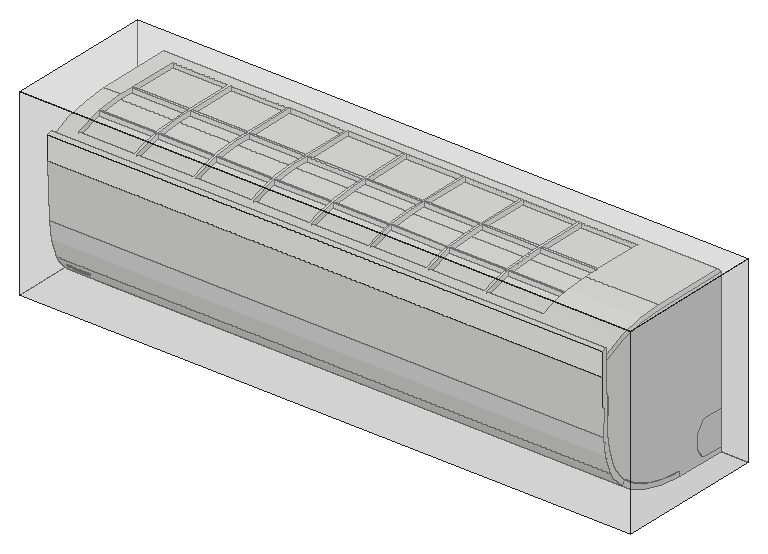
Revit family "outputfile", category 機械設備, Revit 2024
Family settings
  丸型コネクタ寸法 = 半径を使用
  パーツ タイプ = 標準
  OmniClass 番号 = 23.75.10.24.21.27.27
  OmniClass タイトル = Split System Air Conditioning Units
  作業面ベース = いいえ
  常に垂直 = はい
  ロード時にボイドで切り取り = いいえ
  注釈の向きを維持 = いいえ
  共有 = いいえ
  部屋計算ポイント = いいえ
Parameters (values of type "FTKF71TVMA")
  Description = ""
  書き出し IFC クラス(タイプ) = "IfcUnitaryEquipmentType"
  定義済み IFC タイプ(タイプ) = "AIRCONDITIONINGUNIT"
  Cost = 0
  Type Comments = ""
  Keynote = ""
  Type Image = (empty or 0)
  Assembly Code = ""
  w_wall hole = if(Width = 770.0 mm, 48.0 mm, 60.0 mm)  # 60.0 mm
  製造元 = "Daikin"
  モデル = "FTKF71TVMA"
  switch_frequency = yes
  r_Liquid Pipe Size = Liquid Pipe Size / 2  # 3.2 mm
  r_Gas Pipe Size = Gas Pipe Size / 2  # 7.95 mm
  r_Drain Pipe Size = Drain Pipe Size / 2  # 8.0 mm
  lw_powersupply [instance] = if(Width = 770.0 mm, if(or(Rear Right Connection_refrigerant, Bottom Right Connection_refrigerant), 25.0 mm, if(or(Rear Left Connection_refrigerant, Bottom Left Connection_refrigerant), 745.0 mm, 400.0 mm)), if(Width = 990.0 mm, if(or(Rear Right Connection_refrigerant, Bottom Right Connection_refrigerant), 40.0 mm, if(or(Rear Left Connection_refrigerant, Bottom Left Connection_refrigerant), 920.0 mm, 400.0 mm)), if(or(Rear Right Connection_refrigerant, Bottom Right Connection_refrigerant), 40.0 mm, if(or(Rear Left Connection_refrigerant, Bottom Left Connection_refrigerant), 920.0 mm, 400.0 mm))))  # 400.0 mm
  lw_liquidpipe [instance] = if(Width = 770.0 mm, if(or(Rear Right Connection_refrigerant, Bottom Right Connection_refrigerant), 0.0 mm, if(or(Rear Left Connection_refrigerant, Bottom Left Connection_refrigerant), 664.0 mm, 385.0 mm)), if(Width = 990.0 mm, if(or(Rear Right Connection_refrigerant, Bottom Right Connection_refrigerant), 0.0 mm, if(or(Rear Left Connection_refrigerant, Bottom Left Connection_refrigerant), 664.0 mm + (990.0 mm - 770.0 mm), 475.0 mm)), if(or(Rear Right Connection_refrigerant, Bottom Right Connection_refrigerant), 0.0 mm, if(or(Rear Left Connection_refrigerant, Bottom Left Connection_refrigerant), 664.0 mm + (990.0 mm - 770.0 mm), 475.0 mm))))  # 475.0 mm
  lw_gaspipe [instance] = if(Width = 770.0 mm, if(or(Rear Right Connection_refrigerant, Bottom Right Connection_refrigerant), 0.0 mm, if(or(Rear Left Connection_refrigerant, Bottom Left Connection_refrigerant), 675.0 mm, if(Gas Pipe Size = 12.7 mm, 345.0 mm, 335.0 mm))), if(Width = 990.0 mm, if(or(Rear Right Connection_refrigerant, Bottom Right Connection_refrigerant), 10.0 mm, if(or(Rear Left Connection_refrigerant, Bottom Left Connection_refrigerant), 890.0 mm, if(Gas Pipe Size = 15.9 mm, 400.0 mm, 400.0 mm))), if(or(Rear Right Connection_refrigerant, Bottom Right Connection_refrigerant), 10.0 mm, if(or(Rear Left Connection_refrigerant, Bottom Left Connection_refrigerant), 890.0 mm, if(Gas Pipe Size = 15.9 mm, 400.0 mm, 400.0 mm)))))  # 400.0 mm
  lw_drainpipe [instance] = if(Width = 770.0 mm, if(or(Rear Right Connection_refrigerant, Bottom Right Connection_refrigerant), 0.0 mm, if(or(Rear Left Connection_refrigerant, Bottom Left Connection_refrigerant), 770.0 mm - 48.0 mm - 48.0 mm, 440.0 mm)), if(Width = 990.0 mm, if(or(Rear Right Connection_refrigerant, Bottom Right Connection_refrigerant), 0.0 mm, if(or(Rear Left Connection_refrigerant, Bottom Left Connection_refrigerant), 675.0 mm + (990.0 mm - 770.0 mm), 435.0 mm)), if(or(Rear Right Connection_refrigerant, Bottom Right Connection_refrigerant), 0.0 mm, if(or(Rear Left Connection_refrigerant, Bottom Left Connection_refrigerant), 675.0 mm + (990.0 mm - 770.0 mm), 435.0 mm))))  # 435.0 mm
  l_powersupply_length [instance] = if(Width = 770.0 mm, if(Right Connection_refrigerant, 400.0 mm, if(Left Connection_refrigerant, 770.0 mm - 400.0 mm, if(or(Rear Left Connection_refrigerant, Rear Right Connection_refrigerant), 15.0 mm, 50.0 mm))), if(Width = 990.0 mm, if(Right Connection_refrigerant, 400.0 mm, if(Left Connection_refrigerant, 990.0 mm - 400.0 mm, if(or(Rear Left Connection_refrigerant, Rear Right Connection_refrigerant), 15.0 mm, 50.0 mm))), if(Right Connection_refrigerant, 400.0 mm, if(Left Connection_refrigerant, 990.0 mm - 400.0 mm, if(or(Rear Left Connection_refrigerant, Rear Right Connection_refrigerant), 15.0 mm, 50.0 mm)))))  # 400.0 mm
  l_liquidpipe_length [instance] = if(Width = 770.0 mm, if(Right Connection_refrigerant, 433.0 mm, if(Left Connection_refrigerant, 337.0 mm, if(or(Rear Left Connection_refrigerant, Rear Right Connection_refrigerant), 30.0 mm, 40.0 mm))), if(Width = 990.0 mm, if(Right Connection_refrigerant, 535.0 mm, if(Left Connection_refrigerant, 455.0 mm, if(or(Rear Left Connection_refrigerant, Rear Right Connection_refrigerant), 30.0 mm, 40.0 mm))), if(Right Connection_refrigerant, 535.0 mm, if(Left Connection_refrigerant, 455.0 mm, if(or(Rear Left Connection_refrigerant, Rear Right Connection_refrigerant), 30.0 mm, 40.0 mm)))))  # 535.0 mm
  l_gaspipe_length [instance] = if(Width = 770.0 mm, if(Right Connection_refrigerant, if(Gas Pipe Size = 12.7 mm, 393.0 mm, 383.0 mm), if(Left Connection_refrigerant, if(Gas Pipe Size = 12.7 mm, 770.0 mm - 393.0 mm, 770.0 mm - 383.0 mm), if(or(Rear Left Connection_refrigerant, Rear Right Connection_refrigerant), 40.0 mm, 50.0 mm))), if(Width = 990.0 mm, if(Right Connection_refrigerant, if(Gas Pipe Size = 15.9 mm, 460.0 mm, 460.0 mm), if(Left Connection_refrigerant, if(Gas Pipe Size = 15.9 mm, 990.0 mm - 460.0 mm, 990.0 mm - 460.0 mm), if(or(Rear Left Connection_refrigerant, Rear Right Connection_refrigerant), 40.0 mm, 50.0 mm))), if(Right Connection_refrigerant, if(Gas Pipe Size = 15.9 mm, 460.0 mm, 460.0 mm), if(Left Connection_refrigerant, if(Gas Pipe Size = 15.9 mm, 990.0 mm - 460.0 mm, 990.0 mm - 460.0 mm), if(or(Rear Left Connection_refrigerant, Rear Right Connection_refrigerant), 40.0 mm, 50.0 mm)))))  # 460.0 mm
  l_drainpipe_length [instance] = if(Width = 770.0 mm, if(Right Connection_refrigerant, 488.0 mm, if(Left Connection_refrigerant, 282.0 mm, if(or(Rear Left Connection_refrigerant, Rear Right Connection_refrigerant), 15.0 mm, 20.0 mm))), if(Width = 990.0 mm, if(Right Connection_refrigerant, 495.0 mm, if(Left Connection_refrigerant, 495.0 mm, if(or(Rear Left Connection_refrigerant, Rear Right Connection_refrigerant), 15.0 mm, 20.0 mm))), if(Right Connection_refrigerant, 495.0 mm, if(Left Connection_refrigerant, 495.0 mm, if(or(Rear Left Connection_refrigerant, Rear Right Connection_refrigerant), 15.0 mm, 20.0 mm)))))  # 495.0 mm
  h*** = 0.0 mm  # constant formula
  connector_voltage = Voltage_50Hz  # 230 V
  connector_powerinput = [Power Input (Cooling)]  # 0.000 kW
  connector_phase = Phase_50Hz  # 1
  angle_vertical [instance] = if(or(Bottom Left Connection_refrigerant, Bottom Right Connection_refrigerant), 0.00°, 90.00°)  # 90.00°
  angle_horizontal [instance] = if(Right Connection_refrigerant, 90.00°, if(Left Connection_refrigerant, -90.00°, if(or(Rear Left Connection_refrigerant, Rear Right Connection_refrigerant), 180.00°, 0.00°)))  # 90.00°
  Width = 990.0 mm
  Voltage_comment_50Hz = "220 - 240"
  Voltage_50Hz = 230 V
  Version = "ver.1.0"
  Unit Type = "Wall Mounted"
  Unit Mass Weight = 13.00 kg
  Unit Designation [instance] = ""
  Uniclass2015Version = "Products v1.30"
  Uniclass2015Title = "Split coil room air conditioning units"
  Uniclass2015Code = "Pr_70_65_03_86"
  URL = ""
  Total Cooling Capacity [instance] = 0.000 kW
  Sound Pressure Level_M speed (dBA) = 45
  Sound Pressure Level_L speed (dBA) = 37
  Sound Pressure Level_H speed (dBA) = 49
  Sound Power Level_H speed (dB) = 0
  Series = "Single Split_Fan Coil Unit"
  Sensible Cooling Capacity [instance] = 0.000 kW
  Refrigerant Type = "R32"
  Power Input (Cooling) = 0.000 kW
  Phase_50Hz = 1
  Option Accessory 3 [instance] = ""
  Option Accessory 2 [instance] = ""
  Option Accessory 1 [instance] = ""
  Nominal Cooling Capacity = 7.100 kW
  Minimum Circuit Amps_50Hz = 0.0 A
  Minimum Airflow = 708.00 m³/h
  Median Airflow = 954.00 m³/h
  Maximum Fuse Amps_50Hz = 0.0 A
  Maximum Airflow = 1190.00 m³/h
  Material_Casing = DAIKIN_PureWhite_Casing_indoorunit
  Load Classification = HVAC
  Liquid Pipe Size = 6.4 mm
  Link_Nested Family [instance] = ""
  IfcVersion = ""
  IfcExportType = "AIRCONDITIONINGUNIT"
  IfcExportAs = "IfcUnitaryEquipmentType"
  Height = 295.0 mm
  Heat Exchanger Type = "Cross Fin Coil"
  Gas Pipe Size = 15.9 mm
  Frequency_50Hz = 50 Hz
  Fan Type = "Cross Flow Fan"
  Fan Drive = "Direct Drive"
  FCU Tag No. [instance] = ""
  Drain Pipe Size = 16.0 mm
  Design Supply Airflow [instance] = 0.00 m³/h
  Depth = 263.0 mm
  既定の高さ = 0.0 mm
  Cooling Entering Wet Bulb Temperature [instance] = 0.00 °C
  Cooling Entering Dry Bulb Temperature [instance] = 0.00 °C
  Cooling Ambient Wet Bulb Temperature [instance] = 0.00 °C
  Cooling Ambient Dry Bulb Temperature [instance] = 0.00 °C
  Clearance visibility [instance] = yes
  Clearance Top = 30.0 mm
  Clearance Right = 50.0 mm
  Clearance Rear = 0.0 mm
  Clearance Left = 50.0 mm
  Clearance Front = 0.0 mm
  Clearance Bottom = 0.0 mm
  Bottom Right Connection_refrigerant [instance] = no
  Bottom Left Connection_refrigerant [instance] = no
  Rear Right Connection_refrigerant [instance] = no
  Rear Left Connection_refrigerant [instance] = no
  Right Connection_refrigerant [instance] = yes
  Left Connection_refrigerant [instance] = no
Reference planes
  plane 1 "Back": y = 0
  plane 2: z = 0
  plane 3 "Center (Left/Right)": x = 0
  plane 4 "Center (Front/Back)": y = -131.5
  plane 5 "Front": y = -263
  plane 6 "Left": x = -495
  plane 7 "Right": x = 495
  plane 8 "Top": z = 0
  plane 9 "Bottom": z = -295
  plane 10: x = -545
  plane 11: x = 545
  plane 12: y = 0
  plane 13: y = -263
  plane 14: z = 30
  plane 15: z = -295
  plane 16 "lw_Piping and Wiring intake": x = 435
  plane 17 "lw_gaspipe": x = 35
  plane 18 "lw_liquidpipe": x = -40
  plane 19 "lw_drainpipe": x = 0
  plane 20 "lh_drainpipe": z = -275
  plane 21 "lh_liquidpipe": z = -255
  plane 22 "lh_gaspipe": z = -245
  plane 23 "ld_drainpipe": y = -15
  plane 24 "ld_liquidpipe": y = -30
  plane 25 "ld_gaspipe": y = -40
  plane 26 "lw_powersupply": x = 95
Dimensions and locks
  equal spacing: plane 6 "Left", plane 3 "Center (Left/Right)", plane 7 "Right"
  "Width": plane 6 "Left" to plane 7 "Right"
  equal spacing: plane 5 "Front", plane 4 "Center (Front/Back)", plane 1 "Back"
  "Depth": plane 5 "Front" to plane 1 "Back"
  "Height": plane 8 "Top" to plane 9 "Bottom"
  "Clearance Rear": plane 12 to plane 1 "Back"
  "Clearance Front": plane 13 to plane 5 "Front"
  "Clearance Top": plane 14 to plane 8 "Top"
  "Clearance Bottom": plane 9 "Bottom" to plane 15
  "w_wall hole": plane 16 "lw_Piping and Wiring intake" to plane 7 "Right"
  "lw_gaspipe": plane 17 "lw_gaspipe" to plane 16 "lw_Piping and Wiring intake"
  "lw_liquidpipe": plane 18 "lw_liquidpipe" to plane 16 "lw_Piping and Wiring intake"
  "lw_drainpipe": plane 19 "lw_drainpipe" to plane 16 "lw_Piping and Wiring intake"
  locked: plane 20 "lh_drainpipe" to plane 9 "Bottom" at 20
  locked: plane 21 "lh_liquidpipe" to plane 9 "Bottom" at 40
  locked: plane 22 "lh_gaspipe" to plane 9 "Bottom" at 50
  locked: plane 23 "ld_drainpipe" to plane 1 "Back" at 15
  locked: plane 1 "Back" to plane 24 "ld_liquidpipe" at 30
  locked: plane 1 "Back" to plane 25 "ld_gaspipe" at 40
  "lw_powersupply": plane 26 "lw_powersupply" to plane 7 "Right"
  "Clearance Left": plane 10 to plane 6 "Left"
  "Clearance Right": plane 7 "Right" to plane 11
  aligned and locked: level to plane 2
  aligned and locked: plane 12 to nested 1
  aligned and locked: nested 1 to plane 13
  aligned and locked: plane 10 to nested 1
  aligned and locked: plane 11 to nested 1
  aligned and locked: plane 15 to nested 1
  aligned and locked: plane 14 to nested 1
  aligned and locked: plane 17 "lw_gaspipe" to nested 2
  aligned and locked: nested 2 to plane 25 "ld_gaspipe"
  aligned and locked: plane 18 "lw_liquidpipe" to nested 3
  aligned and locked: nested 3 to plane 24 "ld_liquidpipe"
  aligned and locked: plane 19 "lw_drainpipe" to nested 4
  aligned and locked: nested 4 to plane 23 "ld_drainpipe"
  aligned and locked: nested 5 to plane 23 "ld_drainpipe"
  aligned and locked: plane 26 "lw_powersupply" to nested 5
  aligned and locked: level to plane 8 "Top"
  aligned and locked: plane 3 "Center (Left/Right)" to nested 6
  aligned and locked: plane 1 "Back" to nested 6
  aligned and locked: plane 8 "Top" to nested 6
Nested families
  nested 1: "daikin_clearancespace" at (0, -131.5, -132.381), show <- "Clearance visibility", visible <- "Clearance visibility", Link_Nested Family <- "Link_Nested Family", type "daikin_clearancespace"
    with width 1090.0 mm, show yes, height 325.0 mm, depth 263.0 mm, Link_Nested Family ""
  nested 2: "daikin_connector_rotate3" at (35, -40, -245), angle_vertical <- "angle_vertical", angle_horizontal <- "angle_horizontal", length <- "l_gaspipe_length", radius <- "r_Gas Pipe Size", type "daikin_connector_rotate3"
    with show no, radius 7.95 mm, length 460.0 mm, angle_vertical 90.00°, angle_horizontal 90.00°
  nested 3: "daikin_connector_rotate3" at (-40, -30, -255), angle_vertical <- "angle_vertical", angle_horizontal <- "angle_horizontal", radius <- "r_Liquid Pipe Size", length <- "l_liquidpipe_length", type "daikin_connector_rotate3"
    with show no, radius 3.2 mm, length 535.0 mm, angle_vertical 90.00°, angle_horizontal 90.00°
  nested 4: "daikin_connector_rotate3" at (0, -15, -275), angle_vertical <- "angle_vertical", angle_horizontal <- "angle_horizontal", length <- "l_drainpipe_length", radius <- "r_Drain Pipe Size", type "daikin_connector_rotate3"
    with show no, radius 8.0 mm, length 495.0 mm, angle_vertical 90.00°, angle_horizontal 90.00°
  nested 5: "daikin_connector_rotate3" at (95, -15, -245), angle_vertical <- "angle_vertical", angle_horizontal <- "angle_horizontal", length <- "l_powersupply_length", type "daikin_connector_rotate3"
    with show no, radius 10.0 mm, length 400.0 mm, angle_vertical 90.00°, angle_horizontal 90.00°
  nested 6: "DAIKIN_indoorunit_FTKF-TVMA" at (-31, 0, 0), type "FTKF-TVMA"
    with switch_unit1_60-71 yes, switch_unit1_20-50 no, Width 990.0 mm, WALL HOLE-R 60.0 mm, WALL HOLE Size 80.0 mm, Height 295.0 mm
Connectors
  piping at (495, -40, -245), diameter 15.9, driven by "r_Gas Pipe Size"
    settings: on nested 2, index 1, connector inside diameter 609.6 mm, connector length 0.0 mm, flow factor 0, pipe flow 0.00 m³/h, pressure drop 0.0 Pa, fitting loss kfactor 0, connector angle 0.00°, fixture units 0, engagement length 0.0 mm, angle of deflection 0.00°, flow configuration 1, flow direction 2, fitting loss method 0, system type 29, joint type 0, gender type 0, connector reference index -1, connector utility 0, adjustable connector no, is connector primary yes, connector description "Refrigerant Gas Piping"
  piping at (495, -30, -255), diameter 6.4, driven by "r_Liquid Pipe Size"
    settings: on nested 3, index 2, connector inside diameter 609.6 mm, connector length 0.0 mm, flow factor 0, pipe flow 0.00 m³/h, pressure drop 0.0 Pa, fitting loss kfactor 0, connector angle 0.00°, fixture units 0, engagement length 0.0 mm, angle of deflection 0.00°, flow configuration 1, flow direction 1, fitting loss method 0, system type 29, joint type 0, gender type 0, connector reference index -1, connector utility 0, adjustable connector no, is connector primary no, connector description "Refrigerant Liquid Piping"
  piping at (495, -15, -275), diameter 16, driven by "r_Drain Pipe Size"
    settings: on nested 4, index 3, connector inside diameter 609.6 mm, connector length 0.0 mm, flow factor 0, pipe flow 0.00 m³/h, pressure drop 0.0 Pa, fitting loss kfactor 0, connector angle 0.00°, fixture units 0, engagement length 0.0 mm, angle of deflection 0.00°, flow configuration 1, flow direction 2, fitting loss method 4, system type 16, joint type 0, gender type 0, connector reference index -1, connector utility 0, adjustable connector no, is connector primary no, connector description "Condensate Drain Piping"
  electrical at (495, -15, -245), driven by "Load Classification", driven by "connector_voltage", driven by "connector_phase", driven by "connector_powerinput"
    settings: on nested 5, index 4, voltage 230 V, apparent load 0 VA, apparent load phase1 0 VA, apparent load phase2 0 VA, apparent load phase3 0 VA, power factor 1, load classification "HVAC", number of poles 1, system type 30, power factor state 1, is connector primary yes, connector utility no, sub classification motor no, connector description "Power Supply"
Definition of nested family "daikin_clearancespace"
  Parameters (values of type "daikin_clearancespace")
    Description = "daikin_clearancespace"
    width [instance] = 1823.963 mm
    show [instance] = yes
    material = none
    height [instance] = 1359.762 mm
    depth [instance] = 880.0 mm
    Default Elevation = 0.0 mm
    Link_Nested Family [instance] = ""
  Reference planes
    plane 1 "Center (Front/Back)": y = 0
    plane 2 "Center (Elevation)": z = -0.119
    plane 3 "Center (Left/Right)": x = 0
    plane 4: y = 440
    plane 5: y = -440
    plane 6 "Right": x = 911.982
    plane 7 "Left": x = -911.982
    plane 8 "Top": z = 679.762
    plane 9 "Bottom": z = -680
  Forms (mm)
    Extrusion 1, solid, material <- "material", visible <- "show"
      sketch origin (0, 0, 0) x (1, 0, 0) y (0, 1, 0)
        loop
          line (-911.982, 440) -> (-911.982, -440) -> (911.982, -440) -> (911.982, 440) -> (-911.982, 440)
      from -680 to 679.762
  Lines and regions (mm)
    symbolic lines, visible <- "show"
      curve 1: line (911.982, 440, 0) -> (-911.982, 440, 0)
      curve 2: line (-911.982, 440, 0) -> (-911.982, -440, 0)
      curve 3: line (-911.982, -440, 0) -> (911.982, -440, 0)
      curve 4: line (911.982, -440, 0) -> (911.982, 440, 0)
      curve 5: line (911.982, 0, 679.762) -> (-911.982, 0, 679.762)
      curve 6: line (911.982, 0, -680) -> (911.982, 0, 679.762)
      curve 7: line (-911.982, 0, -680) -> (911.982, 0, -680)
      curve 8: line (-911.982, 0, 679.762) -> (-911.982, 0, -680)
      curve 9: line (0, 440, 679.762) -> (0, -440, 679.762)
      curve 10: line (0, -440, 679.762) -> (0, -440, -680)
      curve 11: line (0, 440, -680) -> (0, 440, 679.762)
      curve 12: line (0, -440, -680) -> (0, 440, -680)
  Dimensions and locks
    "width": plane 7 "Left" to plane 6 "Right"
    "depth": plane 4 to plane 5
    "height": plane 8 "Top" to plane 9 "Bottom"
    equal spacing: plane 7 "Left", plane 3 "Center (Left/Right)", plane 6 "Right"
    equal spacing: plane 4, plane 1 "Center (Front/Back)", plane 5
    equal spacing: plane 8 "Top", plane 2 "Center (Elevation)", plane 9 "Bottom"
    aligned and locked: level to plane 2 "Center (Elevation)"
    aligned and locked: Extrusion 1 sketch curve to plane 4
    aligned and locked: plane 7 "Left" to Extrusion 1 sketch curve
    aligned and locked: Extrusion 1 sketch curve to plane 5
    aligned and locked: Extrusion 1 sketch curve to plane 6 "Right"
    aligned and locked: plane 8 "Top" to Extrusion 1
    aligned and locked: curve 1 to Extrusion 1
    aligned and locked: curve 2 to Extrusion 1
    aligned and locked: curve 3 to Extrusion 1
    aligned and locked: curve 4 to Extrusion 1
    aligned and locked: curve 5 to Extrusion 1
    aligned and locked: curve 6 to Extrusion 1
    aligned and locked: curve 7 to Extrusion 1
    aligned and locked: curve 8 to Extrusion 1
    aligned and locked: curve 9 to Extrusion 1
    aligned and locked: curve 10 to Extrusion 1
    aligned and locked: curve 11 to Extrusion 1
    aligned and locked: curve 12 to Extrusion 1
    aligned and locked: Extrusion 1 to plane 9 "Bottom"
Definition of nested family "DAIKIN_indoorunit_FTKF-TVMA"
  Parameters (values of type "FTKF-TVMA")
    switch_unit1_60-71 = Width = 990.0 mm  # no
    switch_unit1_20-50 = Width = 770.0 mm  # yes
    Width = 770.0 mm
    WALL HOLE-R = if(Width = 770.0 mm, 48.0 mm, 60.0 mm)  # 48.0 mm
    WALL HOLE Size = if(Width = 770.0 mm, 65.0 mm, 80.0 mm)  # 65.0 mm
    Material_Casing = none
    Height = if(Width = 770.0 mm, 285.0 mm, 295.0 mm)  # 285.0 mm
    Default Elevation = 0.0 mm
  Reference planes
    plane 1 "Center (Front/Back)": y = 0
    plane 2 "reference_level": z = 0
    plane 3 "Center (Left/Right)": x = 31
    plane 4: x = -354
    plane 5: x = 416
    plane 6: z = -285
  Forms (mm)
    Extrusion 1, solid, material <- "Material_Casing", visible <- "switch_unit1_20-50"
      sketch origin (29, 0, 0) x (0, 1, 0) y (0, 0, 1)
        loop
          line (-5, 0) -> (-98, 0)
          arc (-98, 0) -> (-157.611, -7.211) -> (-213.783, -28.427) r 250
          arc (-213.783, -28.427) -> (-213.842, -32.972) -> (-213.892, -37.516) r 2191
          arc (-213.892, -37.516) -> (-157.832, -15.495) -> (-98.07, -8) r 242
          line (-98.07, -8) -> (0, -8) -> (-5, 0)
      from -383 to 387
    Extrusion 2, solid, material <- "Material_Casing", visible <- "switch_unit1_20-50"
      sketch origin (416, 1296.25, 1200) x (0, 1, 0) y (0, 0, 1)
        loop
          line (-1472.998, -1446.91) -> (-1476.998, -1453.839)
          arc (-1476.998, -1453.839) -> (-1437.481, -1472.422) -> (-1395.25, -1483.538) r 240
          line (-1395.25, -1483.538) -> (-1395.25, -1475.422)
          arc (-1395.25, -1475.422) -> (-1435.407, -1464.663) -> (-1472.998, -1446.91) r 232
      from 0 to -47.5
    Extrusion 3, solid, material <- "Material_Casing", visible <- "switch_unit1_20-50"
      sketch origin (29, 0, 0) x (0, 1, 0) y (0, 0, 1)
        loop
          arc (-223, -60.455) -> (-222.414, -110.646) -> (-220.656, -160.81) r 2149.92
          arc (-220.656, -160.81) -> (-219.65, -174.299) -> (-217.853, -187.706) r 229.911
          arc (-217.853, -187.706) -> (-205.371, -223.594) -> (-181.517, -253.17) r 111
          line (-181.517, -253.17) -> (-177.429, -246.093)
          arc (-177.429, -246.093) -> (-198.77, -218.989) -> (-209.965, -186.36) r 103
          arc (-209.965, -186.36) -> (-211.681, -173.586) -> (-212.651, -160.735) r 221.844
          arc (-212.651, -160.735) -> (-214.739, -93.233) -> (-214.74, -25.699) r 2186.828
          arc (-214.74, -25.699) -> (-214.671, -21.467) -> (-214.594, -17.235) r 2192
          line (-214.594, -17.235) -> (-223, -19.961) -> (-223, -60.455)
      from -383 to 387
    Extrusion 4, solid, material <- "Material_Casing", visible <- "switch_unit1_20-50"
      sketch origin (29, 0, -20) x (0, 1, 0) y (0, 0, 1)
        loop
          line (0, -265) -> (0, 12) -> (-98.07, 12)
          arc (-98.07, 12) -> (-157.832, 4.505) -> (-213.892, -17.516) r 242
          arc (-213.892, -17.516) -> (-213.638, -79.114) -> (-211.653, -140.681) r 2191
          arc (-211.653, -140.681) -> (-210.685, -153.501) -> (-208.973, -166.243) r 221
          arc (-208.973, -166.243) -> (-197.471, -199.282) -> (-175.482, -226.491) r 102
          arc (-175.482, -226.491) -> (-138.004, -244.019) -> (-98, -254.579) r 231
          line (-98, -254.579) -> (-98, -265) -> (0, -265)
      from -383 to 387
    Extrusion 5, solid, material <- "Material_Casing", visible <- "switch_unit1_20-50"
      sketch origin (-354, 1296.25, 1200) x (0, 1, 0) y (0, 0, 1)
        loop
          line (-1472.998, -1446.91) -> (-1476.998, -1453.839)
          arc (-1476.998, -1453.839) -> (-1437.481, -1472.422) -> (-1395.25, -1483.538) r 240
          line (-1395.25, -1483.538) -> (-1395.25, -1475.422)
          arc (-1395.25, -1475.422) -> (-1435.407, -1464.663) -> (-1472.998, -1446.91) r 232
      from 47 to 0
    Extrusion 6, solid, material <- "Material_Casing", visible <- "switch_unit1_20-50"
      sketch origin (416, 1296.25, 1200) x (0, 1, 0) y (0, 0, 1)
        loop
          line (-1472.998, -1446.91) -> (-1476.998, -1453.839)
          arc (-1476.998, -1453.839) -> (-1443.437, -1470.168) -> (-1407.75, -1481.097) r 240
          line (-1407.75, -1481.097) -> (-1407.75, -1472.894)
          arc (-1407.75, -1472.894) -> (-1441.363, -1462.385) -> (-1472.998, -1446.91) r 232
      from -116.993 to -48.493
    Extrusion 7, solid, material <- "Material_Casing", visible <- "switch_unit1_20-50"
      sketch origin (416, 1296.25, 1200) x (0, 1, 0) y (0, 0, 1)
        loop
          line (-1472.998, -1446.91) -> (-1476.998, -1453.839)
          arc (-1476.998, -1453.839) -> (-1443.437, -1470.168) -> (-1407.75, -1481.097) r 240
          line (-1407.75, -1481.097) -> (-1407.75, -1472.894)
          arc (-1407.75, -1472.894) -> (-1441.363, -1462.385) -> (-1472.998, -1446.91) r 232
      from -717 to -121.993
    Extrusion 8, void
      sketch origin (31, 0, -235) x (1, 0, 0) y (0, 1, 0)
        loop
          line (-252.674, -22.316) -> (-354.941, -22.316) -> (-354.941, -91.341) -> (-252.674, -91.341) -> (-252.674, -22.316)
        loop
          line (-249.341, -91.341) -> (-151.574, -91.341) -> (-151.574, -22.316) -> (-249.341, -22.316) -> (-249.341, -91.341)
        loop
          line (58.309, -22.316) -> (-148.309, -22.316) -> (-148.309, -91.341) -> (58.309, -91.341) -> (58.309, -22.316)
        loop
          line (61.689, -22.316) -> (61.689, -91.341) -> (159.457, -91.341) -> (159.457, -22.316) -> (61.689, -22.316)
        loop
          line (162.789, -22.316) -> (162.789, -91.341) -> (265.057, -91.341) -> (265.057, -22.316) -> (162.789, -22.316)
        loop
          line (-354.941, -94.659) -> (-354.941, -165.259) -> (-252.674, -165.259) -> (-252.674, -94.659) -> (-354.941, -94.659)
        loop
          line (-249.341, -94.659) -> (-249.341, -165.259) -> (-151.574, -165.259) -> (-151.574, -94.659) -> (-249.341, -94.659)
        loop
          line (-148.309, -94.659) -> (-148.309, -165.259) -> (58.309, -165.259) -> (58.309, -94.659) -> (-148.309, -94.659)
        loop
          line (61.689, -94.659) -> (61.689, -165.259) -> (159.457, -165.259) -> (159.457, -94.659) -> (61.689, -94.659)
        loop
          line (162.789, -94.659) -> (162.789, -165.259) -> (265.057, -165.259) -> (265.057, -94.659) -> (162.789, -94.659)
        loop
          line (-354.941, -167.382) -> (-354.941, -192.681) -> (-252.674, -192.681) -> (-252.674, -167.382) -> (-354.941, -167.382)
        loop
          line (-249.341, -167.382) -> (-249.341, -192.681) -> (-151.574, -192.681) -> (-151.574, -167.382) -> (-249.341, -167.382)
        loop
          line (-148.309, -167.382) -> (-148.309, -192.681) -> (58.309, -192.681) -> (58.309, -167.382) -> (-148.309, -167.382)
        loop
          line (159.457, -167.382) -> (61.689, -167.382) -> (61.689, -192.681) -> (159.457, -192.681) -> (159.457, -167.382)
        loop
          line (265.057, -167.382) -> (162.789, -167.382) -> (162.789, -192.681) -> (265.057, -192.681) -> (265.057, -167.382)
      from 201.638 to 250
    Extrusion 9, solid, material <- "Material_Casing"
      sketch origin (31, 0, 0) x (1, 0, 0) y (0, 0, 1)
        loop
          circle (337, -240.5) r 32.5
        loop
          circle (-337, -240.5) r 32.5
      from 0 to 5
    Extrusion 10, solid, material <- "Material_Casing", visible <- "switch_unit1_20-50"
      sketch origin (416, 1296.25, 1200) x (0, -1, 0) y (0, 0, 1)
        loop
          line (1326.25, -1417) -> (1296.25, -1417) -> (1296.25, -1477) -> (1326.25, -1477)
          arc (1326.25, -1477) -> (1340.393, -1471.142) -> (1346.25, -1457) r 20
          line (1346.25, -1457) -> (1346.25, -1437)
          arc (1346.25, -1437) -> (1340.393, -1422.858) -> (1326.25, -1417) r 20
      from 0 to 5
    Extrusion 11, solid, material <- "Material_Casing", visible <- "switch_unit1_20-50"
      sketch origin (-354, 1296.25, 1200) x (0, 1, 0) y (0, 0, 1)
        loop
          line (-1296.25, -1417) -> (-1326.25, -1417)
          arc (-1326.25, -1417) -> (-1340.393, -1422.858) -> (-1346.25, -1437) r 20
          line (-1346.25, -1437) -> (-1346.25, -1457)
          arc (-1346.25, -1457) -> (-1340.393, -1471.142) -> (-1326.25, -1477) r 20
          line (-1326.25, -1477) -> (-1296.25, -1477) -> (-1296.25, -1417)
      from 0 to 5
    Extrusion 12, solid, material <- "Material_Casing", visible <- "switch_unit1_20-50"
      sketch origin (31, 0, -285) x (-1, 0, 0) y (0, -1, 0)
        loop
          line (-314, 0) -> (-314, 30)
          arc (-314, 30) -> (-319.858, 44.142) -> (-334, 50) r 20
          line (-334, 50) -> (-354, 50)
          arc (-354, 50) -> (-368.142, 44.142) -> (-374, 30) r 20
          line (-374, 30) -> (-374, 0) -> (-314, 0)
        loop
          line (374, 0) -> (374, 30)
          arc (374, 30) -> (368.142, 44.142) -> (354, 50) r 20
          line (354, 50) -> (334, 50)
          arc (334, 50) -> (319.858, 44.142) -> (314, 30) r 20
          line (314, 30) -> (314, 0) -> (374, 0)
      from 0 to 5
    Extrusion 13, solid, material <- "Material_Casing", visible <- "switch_unit1_60-71"
      sketch origin (31, 0, 0) x (0, 1, 0) y (0, 0, 1)
        loop
          line (-5, 0) -> (-138, 0)
          arc (-138, 0) -> (-197.611, -7.211) -> (-253.783, -28.427) r 250
          arc (-253.783, -28.427) -> (-253.838, -32.687) -> (-253.886, -36.946) r 2191
          arc (-253.886, -36.946) -> (-197.73, -15.346) -> (-138.014, -8) r 246.393
          line (-138.014, -8) -> (0, -8) -> (-5, 0)
      from -495 to 495
    Extrusion 14, solid, material <- "Material_Casing", visible <- "switch_unit1_60-71"
      sketch origin (418, 1296.25, 1200) x (0, 1, 0) y (0, 0, 1)
        loop
          arc (-1515.208, -1454.149) -> (-1506.856, -1460.599) -> (-1497.925, -1466.219) r 110
          arc (-1497.925, -1466.219) -> (-1445.718, -1487.493) -> (-1389.844, -1494.995) r 223
          line (-1389.844, -1494.995) -> (-1389.844, -1486.086) -> (-1404.386, -1486.086)
          arc (-1404.386, -1486.086) -> (-1449.542, -1477.46) -> (-1491.818, -1459.402) r 214.289
          arc (-1491.818, -1459.402) -> (-1501.056, -1453.541) -> (-1509.606, -1446.715) r 101
          line (-1509.606, -1446.715) -> (-1515.208, -1454.149)
      from 108 to 57.5
    Extrusion 15, solid, material <- "Material_Casing", visible <- "switch_unit1_60-71"
      sketch origin (31, 0, 0) x (0, 1, 0) y (0, 0, 1)
        loop
          line (-263, -19.962) -> (-263, -61.6)
          arc (-263, -61.6) -> (-262.414, -110.219) -> (-260.656, -158.81) r 2017.341
          arc (-260.656, -158.81) -> (-255.648, -191.935) -> (-244.041, -223.362) r 164.725
          arc (-244.041, -223.362) -> (-233.569, -239.793) -> (-219.717, -253.495) r 87.379
          line (-219.717, -253.495) -> (-214.706, -246.846)
          arc (-214.706, -246.846) -> (-229.564, -230.029) -> (-240.385, -210.371) r 102
          arc (-240.385, -210.371) -> (-249.049, -182.962) -> (-252.848, -154.467) r 165.789
          arc (-252.848, -154.467) -> (-254.771, -90.102) -> (-254.74, -25.708) r 2122.533
          arc (-254.74, -25.708) -> (-254.671, -21.469) -> (-254.594, -17.23) r 2192
          line (-254.594, -17.23) -> (-263, -19.962)
      from -495 to 495
    Extrusion 16, void
      sketch origin (33, 0, 0) x (1, 0, 0) y (0, 1, 0)
        loop
          line (-466.909, -22.316) -> (-466.909, -111.341) -> (-366.303, -111.341) -> (-366.303, -22.316) -> (-466.909, -22.316)
        loop
          line (-362.71, -22.316) -> (-362.71, -111.341) -> (-262.103, -111.341) -> (-262.103, -22.316) -> (-362.71, -22.316)
        loop
          line (-258.51, -22.316) -> (-258.51, -111.341) -> (-157.904, -111.341) -> (-157.904, -22.316) -> (-258.51, -22.316)
        loop
          line (-154.31, -22.316) -> (-154.31, -111.341) -> (-53.704, -111.341) -> (-53.704, -22.316) -> (-154.31, -22.316)
        loop
          line (-50.11, -22.316) -> (-50.11, -111.341) -> (50.496, -111.341) -> (50.496, -22.316) -> (-50.11, -22.316)
        loop
          line (54.089, -22.316) -> (54.089, -111.341) -> (154.696, -111.341) -> (154.696, -22.316) -> (54.089, -22.316)
        loop
          line (158.289, -22.316) -> (158.289, -111.341) -> (258.895, -111.341) -> (258.895, -22.316) -> (158.289, -22.316)
        loop
          line (262.489, -22.316) -> (262.489, -111.341) -> (363.095, -111.341) -> (363.095, -22.316) -> (262.489, -22.316)
        loop
          line (-466.909, -114.459) -> (-466.909, -185.059) -> (-366.303, -185.059) -> (-366.303, -114.459) -> (-466.909, -114.459)
        loop
          line (-362.71, -114.459) -> (-362.71, -185.059) -> (-262.103, -185.059) -> (-262.103, -114.459) -> (-362.71, -114.459)
        loop
          line (-258.51, -114.459) -> (-258.51, -185.059) -> (-157.904, -185.059) -> (-157.904, -114.459) -> (-258.51, -114.459)
        loop
          line (-154.31, -114.459) -> (-154.31, -185.059) -> (-53.704, -185.059) -> (-53.704, -114.459) -> (-154.31, -114.459)
        loop
          line (-50.11, -114.459) -> (-50.11, -185.059) -> (50.496, -185.059) -> (50.496, -114.459) -> (-50.11, -114.459)
        loop
          line (54.089, -114.459) -> (54.089, -185.059) -> (154.696, -185.059) -> (154.696, -114.459) -> (54.089, -114.459)
        loop
          line (158.289, -114.459) -> (158.289, -185.059) -> (258.895, -185.059) -> (258.895, -114.459) -> (158.289, -114.459)
        loop
          line (262.489, -114.459) -> (262.489, -185.059) -> (363.095, -185.059) -> (363.095, -114.459) -> (262.489, -114.459)
        loop
          line (-466.909, -187.382) -> (-466.909, -232.681) -> (-366.303, -232.681) -> (-366.303, -187.382) -> (-466.909, -187.382)
        loop
          line (-362.71, -187.382) -> (-362.71, -232.681) -> (-262.103, -232.681) -> (-262.103, -187.382) -> (-362.71, -187.382)
        loop
          line (-258.51, -187.382) -> (-258.51, -232.681) -> (-157.904, -232.681) -> (-157.904, -187.382) -> (-258.51, -187.382)
        loop
          line (-154.31, -187.382) -> (-154.31, -232.681) -> (-53.704, -232.681) -> (-53.704, -187.382) -> (-154.31, -187.382)
        loop
          line (-50.11, -187.382) -> (-50.11, -232.681) -> (50.496, -232.681) -> (50.496, -187.382) -> (-50.11, -187.382)
        loop
          line (54.089, -187.382) -> (54.089, -232.681) -> (154.696, -232.681) -> (154.696, -187.382) -> (54.089, -187.382)
        loop
          line (158.289, -187.382) -> (158.289, -232.681) -> (258.895, -232.681) -> (258.895, -187.382) -> (158.289, -187.382)
        loop
          line (262.489, -187.382) -> (262.489, -232.681) -> (363.095, -232.681) -> (363.095, -187.382) -> (262.489, -187.382)
      from -40.013 to 47.268
    Extrusion 17, solid, material <- "Material_Casing", visible <- "switch_unit1_60-71"
      sketch origin (-356, 1296.25, 1200) x (0, 1, 0) y (0, 0, -1)
        loop
          line (-1515.208, 1454.149) -> (-1509.606, 1446.715)
          arc (-1509.606, 1446.715) -> (-1501.056, 1453.541) -> (-1491.818, 1459.402) r 101
          arc (-1491.818, 1459.402) -> (-1449.542, 1477.46) -> (-1404.386, 1486.086) r 214.289
          line (-1404.386, 1486.086) -> (-1389.844, 1486.086) -> (-1389.844, 1494.995)
          arc (-1389.844, 1494.995) -> (-1445.718, 1487.493) -> (-1497.925, 1466.219) r 223
          arc (-1497.925, 1466.219) -> (-1506.856, 1460.599) -> (-1515.208, 1454.149) r 110
      from 108 to 61
    Extrusion 18, solid, material <- "Material_Casing", visible <- "switch_unit1_60-71"
      sketch origin (418, 1296.25, 1200) x (0, 1, 0) y (0, 0, 1)
        loop
          arc (-1515.208, -1454.149) -> (-1506.856, -1460.599) -> (-1497.925, -1466.219) r 110
          arc (-1497.925, -1466.219) -> (-1463.185, -1482.066) -> (-1426.25, -1491.755) r 223
          line (-1426.25, -1491.755) -> (-1426.25, -1483.166)
          arc (-1426.25, -1483.166) -> (-1460.008, -1473.969) -> (-1491.818, -1459.402) r 214.289
          arc (-1491.818, -1459.402) -> (-1501.056, -1453.541) -> (-1509.606, -1446.715) r 101
          line (-1509.606, -1446.715) -> (-1515.208, -1454.149)
      from 56.5 to -36.993
    Extrusion 19, solid, material <- "Material_Casing", visible <- "switch_unit1_60-71"
      sketch origin (418, 1296.25, 1200) x (0, 1, 0) y (0, 0, 1)
        loop
          arc (-1426.25, -1483.166) -> (-1443.442, -1479.224) -> (-1460.25, -1473.881) r 214.289
          line (-1460.25, -1473.881) -> (-1460.25, -1483.089)
          arc (-1460.25, -1483.089) -> (-1443.421, -1488.091) -> (-1426.25, -1491.755) r 223
          line (-1426.25, -1491.755) -> (-1426.25, -1483.166)
      from -43.493 to -828.893
    Extrusion 20, solid, material <- "Material_Casing", visible <- "switch_unit1_60-71"
      sketch origin (418, 1296.25, 1200) x (0, 1, 0) y (0, 0, 1)
        loop
          arc (-1515.208, -1454.149) -> (-1506.856, -1460.599) -> (-1497.925, -1466.219) r 110
          arc (-1497.925, -1466.219) -> (-1479.479, -1475.527) -> (-1460.25, -1483.089) r 223
          line (-1460.25, -1483.089) -> (-1460.25, -1473.881)
          arc (-1460.25, -1473.881) -> (-1476.328, -1467.282) -> (-1491.818, -1459.402) r 214.289
          arc (-1491.818, -1459.402) -> (-1501.056, -1453.541) -> (-1509.606, -1446.715) r 101
          line (-1509.606, -1446.715) -> (-1515.208, -1454.149)
      from -43.493 to -828.893
    Extrusion 21, solid, material <- "Material_Casing", visible <- "switch_unit1_60-71"
      sketch origin (31, 0, -30) x (0, 1, 0) y (0, 0, 1)
        loop
          line (0, 22) -> (-138.014, 22)
          arc (-138.014, 22) -> (-197.73, 14.654) -> (-253.886, -6.946) r 246.393
          arc (-253.886, -6.946) -> (-253.682, -65.635) -> (-251.855, -124.295) r 2120.935
          arc (-251.855, -124.295) -> (-248.086, -152.682) -> (-239.461, -179.988) r 164.789
          arc (-239.461, -179.988) -> (-228.903, -199.231) -> (-214.437, -215.738) r 101
          line (-214.437, -215.738) -> (-212.406, -216.221)
          arc (-212.406, -216.221) -> (-204.07, -222.837) -> (-195.079, -228.53) r 100
          arc (-195.079, -228.53) -> (-145.557, -248.629) -> (-92.593, -255.785) r 213.289
          line (-92.593, -255.785) -> (-92.593, -265) -> (0, -265) -> (0, 22)
      from -495 to 495
    Extrusion 22, solid, material <- "Material_Casing", visible <- "switch_unit1_60-71"
      sketch origin (526, 1296.25, 1200) x (0, -1, 0) y (0, 0, 1)
        loop
          line (1326.25, -1427.035) -> (1296.25, -1427.035) -> (1296.25, -1487.035) -> (1326.25, -1487.035)
          arc (1326.25, -1487.035) -> (1340.393, -1481.177) -> (1346.25, -1467.035) r 20
          line (1346.25, -1467.035) -> (1346.25, -1447.035)
          arc (1346.25, -1447.035) -> (1340.393, -1432.892) -> (1326.25, -1427.035) r 20
      from 0 to 5
    Extrusion 23, solid, material <- "Material_Casing", visible <- "switch_unit1_60-71"
      sketch origin (-459, 1296.25, 1200) x (0, -1, 0) y (0, 0, 1)
        loop
          line (1326.25, -1427.035) -> (1296.25, -1427.035) -> (1296.25, -1487.035) -> (1326.25, -1487.035)
          arc (1326.25, -1487.035) -> (1340.393, -1481.177) -> (1346.25, -1467.035) r 20
          line (1346.25, -1467.035) -> (1346.25, -1447.035)
          arc (1346.25, -1447.035) -> (1340.393, -1432.892) -> (1326.25, -1427.035) r 20
      from 0 to 5
    Extrusion 24, solid, material <- "Material_Casing", visible <- "switch_unit1_60-71"
      sketch origin (31, 200, -295) x (-1, 0, 0) y (0, -1, 0)
        loop
          line (469, 200) -> (469, 230)
          arc (469, 230) -> (463.142, 244.142) -> (449, 250) r 20
          line (449, 250) -> (429, 250)
          arc (429, 250) -> (414.858, 244.142) -> (409, 230) r 20
          line (409, 230) -> (409, 200) -> (469, 200)
        loop
          line (-469, 200) -> (-409, 200) -> (-409, 230)
          arc (-409, 230) -> (-414.858, 244.142) -> (-429, 250) r 20
          line (-429, 250) -> (-449, 250)
          arc (-449, 250) -> (-463.142, 244.142) -> (-469, 230) r 20
          line (-469, 230) -> (-469, 200)
      from 0 to 5
  Cuts and joins
    Extrusion 8 cuts Extrusion 1
    Extrusion 16 cuts Extrusion 13
  Lines and regions (mm)
    reference lines
      curve 1: line (-523, -201.911, -229.404) -> (-523, -193.542, -239.977)
      curve 2: line (-523, -240.779, -229.404) -> (-523, -232.411, -239.977)
  Dimensions and locks
    locked: Extrusion 10 sketch curve to Extrusion 10 sketch curve at 60
    locked: Extrusion 10 sketch curve to Extrusion 10 sketch curve at 50
    locked: Extrusion 12 sketch curve to Extrusion 12 sketch curve at 60  (x2)
    locked: Extrusion 12 sketch curve to Extrusion 12 sketch curve at 50
    equal spacing: plane 5, plane 3 "Center (Left/Right)", plane 4
    "Width": plane 5 to plane 4
    locked: Extrusion 9 sketch curve to plane 4 at 48
    "WALL HOLE-R": plane 5 to Extrusion 9 sketch curve
    "Height": plane 2 "reference_level" to plane 6
    locked: Extrusion 9 sketch curve to plane 6 at 44.5  (x2)
    locked: Extrusion 15 to nested 2 at 15
    locked: Extrusion 22 sketch curve to Extrusion 22 sketch curve at 60
    locked: Extrusion 22 sketch curve to Extrusion 22 sketch curve at 50
    locked: Extrusion 23 sketch curve to Extrusion 23 sketch curve at 60
    locked: Extrusion 23 sketch curve to Extrusion 23 sketch curve at 50
    locked: Extrusion 24 sketch curve to Extrusion 24 sketch curve at 60  (x2)
    locked: Extrusion 24 sketch curve to Extrusion 24 sketch curve at 50  (x2)
    "WALL HOLE Size": diameter of Extrusion 9 sketch curve  (x2)
    aligned and locked: level to plane 2 "reference_level"
    aligned and locked: nested 1 to curve 1
    aligned and locked: Extrusion 11 sketch curve to Extrusion 10  (x4)
    aligned and locked: Extrusion 12 sketch curve to Extrusion 12 sketch curve  (x2)
    aligned and locked: Extrusion 9 to plane 1 "Center (Front/Back)"
    aligned and locked: nested 2 to curve 2
  Automatic sketch dimensions
    curve 1 to level = 239.977 mm
    plane 1 "Center (Front/Back)" to curve 1 = 193.542 mm
    curve 2 to curve 1 = 0.0 mm
    curve 2 to curve 2 = 10.573 mm
    curve 1 to curve 1 = 10.573 mm
    curve 1 to curve 1 = 8.368 mm
    curve 1 to curve 2 = 30.5 mm
    curve 2 to curve 2 = 8.368 mm
    Extrusion 1 sketch curve to level = 0.0 mm
    Extrusion 1 sketch curve to plane 1 "Center (Front/Back)" = 0.0 mm
    plane 1 "Center (Front/Back)" to Extrusion 1 sketch curve = 5.0 mm
    plane 1 "Center (Front/Back)" to Extrusion 1 sketch curve = 98.0 mm
    Extrusion 1 sketch curve to Extrusion 1 sketch curve = 0.07 mm
    Extrusion 1 sketch curve to level = 59.292 mm
    Extrusion 1 sketch curve to plane 1 "Center (Front/Back)" = 1977.0 mm
    Extrusion 1 sketch curve to level = 250.0 mm
    Extrusion 1 sketch curve to Extrusion 1 sketch curve = 0.0 mm
    Extrusion 1 sketch curve to level = 8.0 mm
    Extrusion 1 sketch curve to level = 28.427 mm
    plane 1 "Center (Front/Back)" to Extrusion 2 sketch curve = 180.748 mm
    Extrusion 2 sketch curve to Extrusion 2 sketch curve = 4.0 mm
    Extrusion 2 sketch curve to Extrusion 2 sketch curve = 77.747 mm
    plane 1 "Center (Front/Back)" to Extrusion 2 sketch curve = 59.279 mm
    Extrusion 2 sketch curve to Extrusion 2 sketch curve = 0.0 mm
    Extrusion 2 sketch curve to level = 283.538 mm
    Extrusion 2 sketch curve to Extrusion 2 sketch curve = 8.116 mm
    Extrusion 2 sketch curve to Extrusion 2 sketch curve = 21.583 mm
    Extrusion 2 sketch curve to Extrusion 2 sketch curve = 6.929 mm
    Extrusion 3 sketch curve to level = 19.961 mm
    plane 1 "Center (Front/Back)" to Extrusion 3 sketch curve = 223.0 mm
    Extrusion 3 sketch curve to level = 17.235 mm
    Extrusion 3 sketch curve to Extrusion 3 sketch curve = 8.406 mm
    plane 1 "Center (Front/Back)" to Extrusion 3 sketch curve = 181.517 mm
    Extrusion 3 sketch curve to Extrusion 3 sketch curve = 4.087 mm
    Extrusion 3 sketch curve to Extrusion 3 sketch curve = 69.11 mm
    Extrusion 3 sketch curve to Extrusion 3 sketch curve = 0.001 mm
    Extrusion 3 sketch curve to plane 1 "Center (Front/Back)" = 8.955 mm
    Extrusion 3 sketch curve to Extrusion 3 sketch curve = 0.067 mm
    Extrusion 3 sketch curve to level = 60.455 mm
    Extrusion 3 sketch curve to Extrusion 3 sketch curve = 1917.898 mm
    Extrusion 3 sketch curve to Extrusion 3 sketch curve = 44.907 mm
    Extrusion 3 sketch curve to Extrusion 3 sketch curve = 5.172 mm
    Extrusion 3 sketch curve to level = 150.456 mm
    Extrusion 3 sketch curve to Extrusion 3 sketch curve = 0.006 mm
    Extrusion 3 sketch curve to Extrusion 3 sketch curve = 19.265 mm
    Extrusion 3 sketch curve to Extrusion 3 sketch curve = 0.004 mm
    Extrusion 3 sketch curve to Extrusion 3 sketch curve = 76.368 mm
    Extrusion 3 sketch curve to Extrusion 3 sketch curve = 7.077 mm
    Extrusion 3 sketch curve to Extrusion 3 sketch curve = 1.002 mm
    Extrusion 3 sketch curve to Extrusion 3 sketch curve = 0.046 mm
    Extrusion 3 sketch curve to Extrusion 3 sketch curve = 8.005 mm
    Extrusion 3 sketch curve to Extrusion 3 sketch curve = 0.147 mm
    Extrusion 3 sketch curve to Extrusion 3 sketch curve = 0.0 mm
    Extrusion 4 sketch curve to plane 1 "Center (Front/Back)" = 0.0 mm
    plane 1 "Center (Front/Back)" to Extrusion 4 sketch curve = 59.278 mm
    Extrusion 4 sketch curve to Extrusion 4 sketch curve = 98.0 mm
    Extrusion 4 sketch curve to Extrusion 4 sketch curve = 0.0 mm  (x3)
    Extrusion 4 sketch curve to level = 8.0 mm
    Extrusion 4 sketch curve to Extrusion 4 sketch curve = 38.791 mm
    Extrusion 4 sketch curve to Extrusion 4 sketch curve = 10.249 mm
    Extrusion 4 sketch curve to plane 1 "Center (Front/Back)" = 9.11 mm
    Extrusion 4 sketch curve to level = 59.292 mm
    Extrusion 4 sketch curve to Extrusion 4 sketch curve = 1967.89 mm
    Extrusion 4 sketch curve to Extrusion 4 sketch curve = 142.454 mm
    Extrusion 4 sketch curve to Extrusion 4 sketch curve = 19.271 mm
    Extrusion 4 sketch curve to Extrusion 4 sketch curve = 80.275 mm
    Extrusion 4 sketch curve to Extrusion 4 sketch curve = 24.579 mm
    Extrusion 4 sketch curve to Extrusion 4 sketch curve = 10.421 mm
    Extrusion 4 sketch curve to level = 46.847 mm
    Extrusion 4 sketch curve to Extrusion 4 sketch curve = 77.412 mm
    Extrusion 4 sketch curve to Extrusion 4 sketch curve = 33.49 mm
    Extrusion 4 sketch curve to Extrusion 4 sketch curve = 2.68 mm
    plane 1 "Center (Front/Back)" to Extrusion 5 sketch curve = 180.748 mm
    Extrusion 5 sketch curve to Extrusion 5 sketch curve = 4.0 mm
    Extrusion 5 sketch curve to Extrusion 5 sketch curve = 77.747 mm
    plane 1 "Center (Front/Back)" to Extrusion 5 sketch curve = 59.279 mm
    Extrusion 5 sketch curve to Extrusion 5 sketch curve = 0.0 mm
    Extrusion 5 sketch curve to level = 283.538 mm
    Extrusion 5 sketch curve to Extrusion 5 sketch curve = 8.116 mm
    Extrusion 5 sketch curve to Extrusion 5 sketch curve = 21.583 mm
    Extrusion 5 sketch curve to Extrusion 5 sketch curve = 6.929 mm
    plane 1 "Center (Front/Back)" to Extrusion 6 sketch curve = 180.748 mm
    Extrusion 6 sketch curve to Extrusion 6 sketch curve = 4.0 mm
    Extrusion 6 sketch curve to Extrusion 6 sketch curve = 65.247 mm
    plane 1 "Center (Front/Back)" to Extrusion 6 sketch curve = 59.279 mm
    Extrusion 6 sketch curve to Extrusion 6 sketch curve = 0.0 mm
    Extrusion 6 sketch curve to level = 281.097 mm
    Extrusion 6 sketch curve to Extrusion 6 sketch curve = 8.203 mm
    Extrusion 6 sketch curve to Extrusion 6 sketch curve = 19.055 mm
    Extrusion 6 sketch curve to Extrusion 6 sketch curve = 6.929 mm
    plane 1 "Center (Front/Back)" to Extrusion 7 sketch curve = 180.748 mm
    Extrusion 7 sketch curve to Extrusion 7 sketch curve = 4.0 mm
    Extrusion 7 sketch curve to Extrusion 7 sketch curve = 65.247 mm
    plane 1 "Center (Front/Back)" to Extrusion 7 sketch curve = 59.279 mm
    Extrusion 7 sketch curve to Extrusion 7 sketch curve = 0.0 mm
    Extrusion 7 sketch curve to level = 281.097 mm
    Extrusion 7 sketch curve to Extrusion 7 sketch curve = 8.203 mm
    Extrusion 7 sketch curve to Extrusion 7 sketch curve = 19.055 mm
    Extrusion 7 sketch curve to Extrusion 7 sketch curve = 6.929 mm
    plane 1 "Center (Front/Back)" to Extrusion 8 sketch curve = 165.259 mm  (x2)
    Extrusion 8 sketch curve to plane 3 "Center (Left/Right)" = 354.941 mm
    plane 1 "Center (Front/Back)" to Extrusion 8 sketch curve = 22.316 mm  (x3)
    Extrusion 8 sketch curve to Extrusion 8 sketch curve = 0.0 mm  (x26)
    Extrusion 8 sketch curve to Extrusion 8 sketch curve = 102.268 mm  (x2)
    Extrusion 8 sketch curve to Extrusion 8 sketch curve = 3.332 mm  (x4)
    Extrusion 8 sketch curve to Extrusion 8 sketch curve = 97.768 mm  (x2)
    Extrusion 8 sketch curve to Extrusion 8 sketch curve = 3.264 mm  (x3)
    plane 3 "Center (Left/Right)" to Extrusion 8 sketch curve = 58.309 mm
    Extrusion 8 sketch curve to Extrusion 8 sketch curve = 3.38 mm  (x3)
    Extrusion 8 sketch curve to Extrusion 8 sketch curve = 2.124 mm  (x6)
    Extrusion 8 sketch curve to Extrusion 8 sketch curve = 25.299 mm  (x2)
    Extrusion 8 sketch curve to Extrusion 8 sketch curve = 70.6 mm
    Extrusion 8 sketch curve to Extrusion 8 sketch curve = 3.317 mm  (x4)
    Extrusion 10 sketch curve to plane 1 "Center (Front/Back)" = 0.0 mm
    Extrusion 10 sketch curve to Extrusion 10 sketch curve = 20.0 mm  (x2)
    Extrusion 10 sketch curve to level = 277.0 mm
    plane 1 "Center (Front/Back)" to Extrusion 12 sketch curve = 0.0 mm
    plane 3 "Center (Left/Right)" to Extrusion 12 sketch curve = 374.0 mm
    Extrusion 12 sketch curve to Extrusion 12 sketch curve = 20.0 mm  (x3)
    plane 1 "Center (Front/Back)" to Extrusion 12 sketch curve = 30.0 mm
    Extrusion 12 sketch curve to plane 3 "Center (Left/Right)" = 314.0 mm
    Extrusion 13 sketch curve to level = 0.0 mm
    Extrusion 13 sketch curve to plane 1 "Center (Front/Back)" = 0.0 mm
    plane 1 "Center (Front/Back)" to Extrusion 13 sketch curve = 5.0 mm
    Extrusion 13 sketch curve to Extrusion 13 sketch curve = 133.0 mm
    Extrusion 13 sketch curve to Extrusion 13 sketch curve = 0.013 mm
    Extrusion 13 sketch curve to level = 59.292 mm
    Extrusion 13 sketch curve to plane 1 "Center (Front/Back)" = 1937.0 mm
    Extrusion 13 sketch curve to Extrusion 13 sketch curve = 250.0 mm
    Extrusion 13 sketch curve to Extrusion 13 sketch curve = 4.393 mm
    Extrusion 13 sketch curve to level = 8.0 mm
    Extrusion 13 sketch curve to level = 28.427 mm
    plane 1 "Center (Front/Back)" to Extrusion 14 sketch curve = 218.957 mm
    Extrusion 14 sketch curve to Extrusion 14 sketch curve = 5.601 mm
    Extrusion 14 sketch curve to Extrusion 14 sketch curve = 65.735 mm
    Extrusion 14 sketch curve to Extrusion 14 sketch curve = 1.462 mm
    plane 1 "Center (Front/Back)" to Extrusion 14 sketch curve = 108.136 mm
    Extrusion 14 sketch curve to Extrusion 14 sketch curve = 14.543 mm
    plane 1 "Center (Front/Back)" to Extrusion 14 sketch curve = 92.093 mm
    Extrusion 14 sketch curve to Extrusion 14 sketch curve = 1.354 mm
    Extrusion 14 sketch curve to level = 294.995 mm
    Extrusion 14 sketch curve to Extrusion 14 sketch curve = 8.909 mm
    Extrusion 14 sketch curve to Extrusion 14 sketch curve = 31.937 mm
    Extrusion 14 sketch curve to Extrusion 14 sketch curve = 7.433 mm
    Extrusion 14 sketch curve to Extrusion 14 sketch curve = 75.403 mm
    Extrusion 14 sketch curve to Extrusion 14 sketch curve = 0.896 mm
    Extrusion 14 sketch curve to level = 72.504 mm
    Extrusion 14 sketch curve to Extrusion 14 sketch curve = 0.504 mm
    Extrusion 15 sketch curve to level = 19.962 mm
    plane 1 "Center (Front/Back)" to Extrusion 15 sketch curve = 263.0 mm
    Extrusion 15 sketch curve to level = 17.23 mm
    Extrusion 15 sketch curve to Extrusion 15 sketch curve = 8.406 mm
    Extrusion 15 sketch curve to Extrusion 15 sketch curve = 43.283 mm
    Extrusion 15 sketch curve to Extrusion 15 sketch curve = 5.011 mm
    Extrusion 15 sketch curve to Extrusion 15 sketch curve = 49.129 mm
    Extrusion 15 sketch curve to Extrusion 15 sketch curve = 19.417 mm
    Extrusion 15 sketch curve to Extrusion 15 sketch curve = 50.037 mm
    Extrusion 15 sketch curve to Extrusion 15 sketch curve = 8.89 mm
    Extrusion 15 sketch curve to level = 61.6 mm
    Extrusion 15 sketch curve to plane 1 "Center (Front/Back)" = 1754.341 mm
    Extrusion 15 sketch curve to level = 58.909 mm
    Extrusion 15 sketch curve to Extrusion 15 sketch curve = 113.192 mm
    Extrusion 15 sketch curve to Extrusion 15 sketch curve = 69.467 mm
    Extrusion 15 sketch curve to level = 146.886 mm
    Extrusion 15 sketch curve to Extrusion 15 sketch curve = 3.987 mm
    Extrusion 15 sketch curve to Extrusion 15 sketch curve = 20.44 mm
    Extrusion 15 sketch curve to Extrusion 15 sketch curve = 13.597 mm
    Extrusion 15 sketch curve to Extrusion 15 sketch curve = 61.936 mm
    Extrusion 15 sketch curve to Extrusion 15 sketch curve = 6.649 mm
    Extrusion 15 sketch curve to level = 59.438 mm
    Extrusion 15 sketch curve to Extrusion 15 sketch curve = 0.0 mm
    Extrusion 15 sketch curve to Extrusion 15 sketch curve = 0.147 mm
    Extrusion 15 sketch curve to Extrusion 15 sketch curve = 7.808 mm
    plane 1 "Center (Front/Back)" to Extrusion 16 sketch curve = 22.316 mm  (x6)
    Extrusion 16 sketch curve to plane 3 "Center (Left/Right)" = 464.909 mm
    Extrusion 16 sketch curve to Extrusion 16 sketch curve = 0.0 mm  (x27)
    Extrusion 16 sketch curve to Extrusion 16 sketch curve = 100.606 mm  (x7)
    Extrusion 16 sketch curve to Extrusion 16 sketch curve = 3.594 mm  (x16)
    Extrusion 16 sketch curve to plane 3 "Center (Left/Right)" = 51.704 mm
    plane 3 "Center (Left/Right)" to Extrusion 16 sketch curve = 52.496 mm  (x2)
    Extrusion 16 sketch curve to Extrusion 16 sketch curve = 89.026 mm  (x6)
    Extrusion 16 sketch curve to Extrusion 16 sketch curve = 3.117 mm  (x8)
    Extrusion 16 sketch curve to Extrusion 16 sketch curve = 70.6 mm  (x7)
    Extrusion 16 sketch curve to Extrusion 16 sketch curve = 2.324 mm  (x8)
    Extrusion 16 sketch curve to Extrusion 16 sketch curve = 45.299 mm  (x7)
    plane 1 "Center (Front/Back)" to Extrusion 17 sketch curve = 218.957 mm
    Extrusion 17 sketch curve to Extrusion 17 sketch curve = 5.601 mm
    Extrusion 17 sketch curve to Extrusion 17 sketch curve = 65.735 mm
    Extrusion 17 sketch curve to Extrusion 17 sketch curve = 1.462 mm
    plane 1 "Center (Front/Back)" to Extrusion 17 sketch curve = 108.136 mm
    Extrusion 17 sketch curve to Extrusion 17 sketch curve = 14.543 mm
    plane 1 "Center (Front/Back)" to Extrusion 17 sketch curve = 92.093 mm
    Extrusion 17 sketch curve to Extrusion 17 sketch curve = 1.354 mm
    Extrusion 17 sketch curve to level = 72.0 mm
    Extrusion 17 sketch curve to Extrusion 17 sketch curve = 0.504 mm
    Extrusion 17 sketch curve to Extrusion 17 sketch curve = 98.416 mm
    Extrusion 17 sketch curve to Extrusion 17 sketch curve = 0.896 mm
    Extrusion 17 sketch curve to Extrusion 17 sketch curve = 76.3 mm
    Extrusion 17 sketch curve to Extrusion 17 sketch curve = 7.433 mm
    Extrusion 17 sketch curve to Extrusion 17 sketch curve = 26.684 mm
    Extrusion 17 sketch curve to Extrusion 17 sketch curve = 8.909 mm
    plane 1 "Center (Front/Back)" to Extrusion 18 sketch curve = 218.957 mm
    Extrusion 18 sketch curve to Extrusion 18 sketch curve = 5.601 mm
    Extrusion 18 sketch curve to Extrusion 18 sketch curve = 65.735 mm
    Extrusion 18 sketch curve to Extrusion 18 sketch curve = 1.462 mm
    Extrusion 18 sketch curve to Extrusion 18 sketch curve = 83.356 mm
    plane 1 "Center (Front/Back)" to Extrusion 18 sketch curve = 92.093 mm
    Extrusion 18 sketch curve to Extrusion 18 sketch curve = 1.354 mm
    Extrusion 18 sketch curve to level = 291.755 mm
    Extrusion 18 sketch curve to Extrusion 18 sketch curve = 8.588 mm
    Extrusion 18 sketch curve to Extrusion 18 sketch curve = 29.018 mm
    Extrusion 18 sketch curve to Extrusion 18 sketch curve = 7.433 mm
    Extrusion 18 sketch curve to Extrusion 18 sketch curve = 75.403 mm
    Extrusion 18 sketch curve to Extrusion 18 sketch curve = 0.896 mm
    Extrusion 18 sketch curve to level = 72.504 mm
    Extrusion 18 sketch curve to Extrusion 18 sketch curve = 0.504 mm
    plane 1 "Center (Front/Back)" to Extrusion 19 sketch curve = 164.0 mm
    Extrusion 19 sketch curve to Extrusion 19 sketch curve = 34.0 mm
    plane 1 "Center (Front/Back)" to Extrusion 19 sketch curve = 92.093 mm
    Extrusion 19 sketch curve to Extrusion 19 sketch curve = 1.354 mm
    Extrusion 19 sketch curve to level = 291.755 mm
    Extrusion 19 sketch curve to Extrusion 19 sketch curve = 8.588 mm
    Extrusion 19 sketch curve to Extrusion 19 sketch curve = 0.077 mm
    Extrusion 19 sketch curve to Extrusion 19 sketch curve = 9.207 mm
    plane 1 "Center (Front/Back)" to Extrusion 20 sketch curve = 218.957 mm
    Extrusion 20 sketch curve to Extrusion 20 sketch curve = 5.601 mm
    Extrusion 20 sketch curve to Extrusion 20 sketch curve = 49.356 mm
    Extrusion 20 sketch curve to Extrusion 20 sketch curve = 65.735 mm
    Extrusion 20 sketch curve to Extrusion 20 sketch curve = 1.462 mm
    plane 1 "Center (Front/Back)" to Extrusion 20 sketch curve = 92.093 mm
    Extrusion 20 sketch curve to Extrusion 20 sketch curve = 1.354 mm
    Extrusion 20 sketch curve to level = 283.089 mm
    Extrusion 20 sketch curve to Extrusion 20 sketch curve = 9.207 mm
    Extrusion 20 sketch curve to Extrusion 20 sketch curve = 19.733 mm
    Extrusion 20 sketch curve to Extrusion 20 sketch curve = 7.433 mm
    Extrusion 20 sketch curve to Extrusion 20 sketch curve = 75.403 mm
    Extrusion 20 sketch curve to Extrusion 20 sketch curve = 0.896 mm
    Extrusion 20 sketch curve to level = 72.504 mm
    Extrusion 20 sketch curve to Extrusion 20 sketch curve = 0.504 mm
    Extrusion 21 sketch curve to Extrusion 21 sketch curve = 0.0 mm  (x4)
    Extrusion 21 sketch curve to plane 1 "Center (Front/Back)" = 0.0 mm
    plane 1 "Center (Front/Back)" to Extrusion 21 sketch curve = 87.233 mm
    Extrusion 21 sketch curve to Extrusion 21 sketch curve = 3.506 mm
    Extrusion 21 sketch curve to Extrusion 21 sketch curve = 92.593 mm
    Extrusion 21 sketch curve to Extrusion 21 sketch curve = 45.42 mm
    Extrusion 21 sketch curve to Extrusion 21 sketch curve = 58.927 mm
    Extrusion 21 sketch curve to Extrusion 21 sketch curve = 74.393 mm
    Extrusion 21 sketch curve to Extrusion 21 sketch curve = 2.031 mm
    Extrusion 21 sketch curve to level = 58.927 mm
    Extrusion 21 sketch curve to plane 1 "Center (Front/Back)" = 1866.935 mm
    Extrusion 21 sketch curve to level = 72.504 mm
    Extrusion 21 sketch curve to Extrusion 21 sketch curve = 74.381 mm
    Extrusion 21 sketch curve to Extrusion 21 sketch curve = 24.427 mm
    Extrusion 21 sketch curve to Extrusion 21 sketch curve = 74.426 mm
    Extrusion 21 sketch curve to Extrusion 21 sketch curve = 0.483 mm
    Extrusion 21 sketch curve to Extrusion 21 sketch curve = 4.137 mm
    Extrusion 21 sketch curve to Extrusion 21 sketch curve = 31.393 mm
    Extrusion 21 sketch curve to Extrusion 21 sketch curve = 9.215 mm
    Extrusion 21 sketch curve to level = 8.0 mm
    Extrusion 22 sketch curve to plane 1 "Center (Front/Back)" = 0.0 mm
